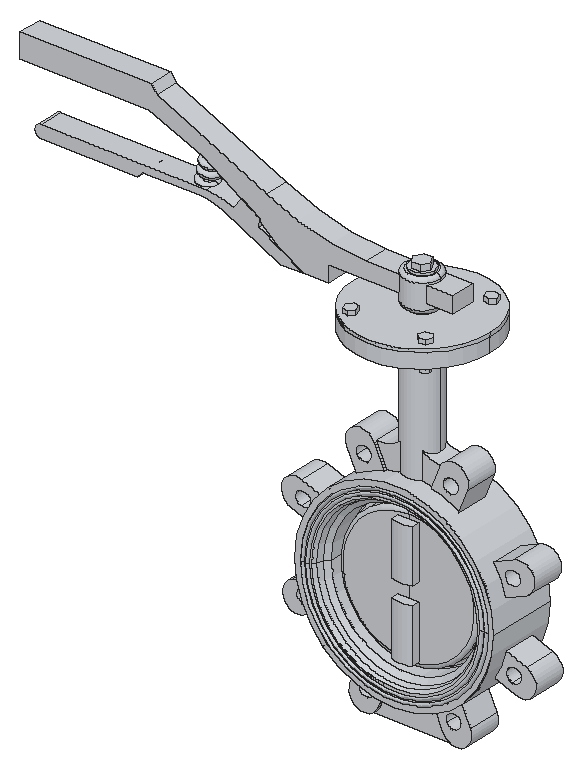
Revit family "R59FLY008", category Plumbing Fixtures, Revit 2015
Reference planes
  plane 1 "Center (Front/Back)": y = 0
  plane 2: z = 0
  plane 3 "Center (Left/Right)": x = 0
  plane 4: z = 160
  plane 5: x = -260
  plane 6: z = 237
  plane 7: z = 187
  plane 8: z = -85
  plane 9: z = -30
  plane 10: z = 190
  plane 11: z = -30
  plane 12: y = -22.988
  plane 13: y = 23.012
Forms (mm)
  Extrusion 1, solid
    sketch origin (0, 0, 150) x (1, 0, 0) y (0, 1, 0)
      loop
        circle (0, 0) r 45
    from 0 to 10
  Extrusion 2, solid
    sketch origin (0, 45.948, -120.573) x (1, 0, 0) y (0, 0, 1)
      loop
        arc (-96.679, 319.319) -> (-132.67, 336.792) -> (-169.654, 352.049) r 659.286
        line (-169.654, 352.049) -> (-172.843, 357.573) -> (-260, 357.573) -> (-260, 341.853) -> (-174.471, 341.853)
        arc (-174.471, 341.853) -> (-122.152, 316.93) -> (-77.024, 280.573) r 248.649
        line (-77.024, 280.573) -> (-55.568, 280.573) -> (-55.568, 291.199) -> (26.878, 291.199) -> (26.878, 302.179) -> (-30.767, 302.179)
        arc (-30.767, 302.179) -> (-64.704, 306.978) -> (-96.679, 319.319) r 150.722
    from 37.966 to 54.11
  Extrusion 3, solid
    sketch origin (-37.783, 45.948, -190.087) x (1, 0, 0) y (0, 0, 1)
      loop
        line (-98.516, 377.301) -> (-208.006, 377.301)
        arc (-208.006, 377.301) -> (-212.274, 373.033) -> (-208.006, 368.766) r 4.268
        line (-208.006, 368.766) -> (-144.475, 368.766) -> (-140.939, 372.301) -> (-103.305, 372.301)
        arc (-103.305, 372.301) -> (-95.507, 371.471) -> (-88.058, 369.019) r 37.057
        arc (-88.058, 369.019) -> (-68.407, 360.05) -> (-49.241, 350.087) r 421.945
        line (-49.241, 350.087) -> (-34.866, 350.087)
        arc (-34.866, 350.087) -> (-48.985, 359.43) -> (-64, 367.252) r 162.429
        line (-64, 367.252) -> (-63.437, 371.843) -> (-74.98, 380.231) -> (-80.609, 372.485)
        arc (-80.609, 372.485) -> (-89.36, 375.646) -> (-98.516, 377.301) r 55.494
    from 37.966 to 54.11
  Extrusion 4, solid
    sketch origin (0, 0, -76.95) x (1, 0, 0) y (0, 1, 0)
      loop
        circle (0, 0) r 12
    from 139.942 to 226.95
  Revolve 5, solid
    sketch origin (0, 0, 0) x (0, 1, 0) y (0, 0, 1)
      loop
        line (-1.078, -49.346) -> (1.078, -49.346) -> (1.078, -48.411)
        arc (1.078, -48.411) -> (1.953, -46.978) -> (3.478, -46.275) r 2.888
        line (3.478, -46.275) -> (6.599, -46.275)
        arc (6.599, -46.275) -> (9.772, -44.533) -> (11.11, -41.17) r 5.351
        line (11.11, -41.17) -> (11.11, 0) -> (-11.11, 0) -> (-11.11, -43.605)
        arc (-11.11, -43.605) -> (-10.328, -45.493) -> (-8.44, -46.275) r 2.67
        line (-8.44, -46.275) -> (-3.478, -46.275)
        arc (-3.478, -46.275) -> (-1.953, -46.978) -> (-1.078, -48.411) r 2.888
        line (-1.078, -48.411) -> (-1.078, -49.346)
      axis (11.11, 0) -> (-11.11, 0)
    angle from 0 to 360
  Blend 6, solid
    base sketch origin (0, 0, -4.163) x (1, 0, 0) y (0, 1, 0)
      loop
        line (-6.883, 16.4) -> (-6.883, -16.4)
        arc (-6.883, -16.4) -> (0, -18.078) -> (6.883, -16.4) r 14.953
        line (6.883, -16.4) -> (6.883, 16.4)
        arc (6.883, 16.4) -> (0, 18.078) -> (-6.883, 16.4) r 14.953
    top sketch origin (0, 0, 0) x (1, 0, 0) y (0, 1, 0)
      loop
        line (-6.883, 16.4) -> (-6.883, -16.4)
        arc (-6.883, -16.4) -> (0, -18.078) -> (6.883, -16.4) r 14.953
        line (6.883, -16.4) -> (6.883, 16.4)
        arc (6.883, 16.4) -> (0, 18.078) -> (-6.883, 16.4) r 14.953
    from 10.163 to 41.004
  Blend 7, solid
    base sketch origin (0, 0, -38.601) x (0, -1, 0) y (1, 0, 0)
      loop
        line (-16.4, -6.883) -> (16.4, -6.883)
        arc (16.4, -6.883) -> (18.078, 0) -> (16.4, 6.883) r 14.953
        line (16.4, 6.883) -> (-16.4, 6.883)
        arc (-16.4, 6.883) -> (-18.078, 0) -> (-16.4, -6.883) r 14.953
    top sketch origin (0, 0, -35.117) x (0, -1, 0) y (1, 0, 0)
      loop
        line (-16.4, -6.883) -> (16.4, -6.883)
        arc (16.4, -6.883) -> (18.078, 0) -> (16.4, 6.883) r 14.953
        line (16.4, 6.883) -> (-16.4, 6.883)
        arc (-16.4, 6.883) -> (-18.078, 0) -> (-16.4, -6.883) r 14.953
    from -3.283 to 29.117
  Extrusion 8, solid
    sketch origin (-1.088, 0, 2.271) x (0.99863, 0, -0.052336) y (0.052336, 0, 0.99863)
      loop
        line (-18.251, 60.114) -> (-25.459, 74.264)
        arc (-25.459, 74.264) -> (-38.908, 78.635) -> (-43.28, 65.186) r 10
        line (-43.28, 65.186) -> (-36.072, 51.036) -> (-18.251, 60.114)
      loop
        circle (-32.1, 65.269) r 5
    from -10.546 to 10.991
  Extrusion 9, solid
    sketch origin (0.837, 0, 2.375) x (0.669131, 0, -0.743145) y (0.743145, 0, 0.669131)
      loop
        line (-18.251, 60.114) -> (-25.459, 74.264)
        arc (-25.459, 74.264) -> (-38.908, 78.635) -> (-43.28, 65.186) r 10
        line (-43.28, 65.186) -> (-36.072, 51.036) -> (-18.251, 60.114)
      loop
        circle (-32.1, 65.269) r 5
    from -10.546 to 10.991
  Extrusion 10, solid
    sketch origin (2.271, 0, 1.088) x (-0.052336, 0, -0.99863) y (0.99863, 0, -0.052336)
      loop
        line (-18.251, 60.114) -> (-25.459, 74.264)
        arc (-25.459, 74.264) -> (-38.908, 78.635) -> (-43.28, 65.186) r 10
        line (-43.28, 65.186) -> (-36.072, 51.036) -> (-18.251, 60.114)
      loop
        circle (-32.1, 65.269) r 5
    from -10.546 to 10.991
  Extrusion 11, solid
    sketch origin (2.375, 0, -0.837) x (-0.743145, 0, -0.669131) y (0.669131, 0, -0.743145)
      loop
        line (-18.251, 60.114) -> (-25.459, 74.264)
        arc (-25.459, 74.264) -> (-38.908, 78.635) -> (-43.28, 65.186) r 10
        line (-43.28, 65.186) -> (-36.072, 51.036) -> (-18.251, 60.114)
      loop
        circle (-32.1, 65.269) r 5
    from -10.546 to 10.991
  Extrusion 12, solid
    sketch origin (1.088, 0, -2.271) x (-0.99863, 0, 0.052336) y (-0.052336, 0, -0.99863)
      loop
        line (-18.251, 60.114) -> (-25.459, 74.264)
        arc (-25.459, 74.264) -> (-38.908, 78.635) -> (-43.28, 65.186) r 10
        line (-43.28, 65.186) -> (-36.072, 51.036) -> (-18.251, 60.114)
      loop
        circle (-32.1, 65.269) r 5
    from -10.546 to 10.991
  Extrusion 13, solid
    sketch origin (-0.837, 0, -2.375) x (-0.669131, 0, 0.743145) y (-0.743145, 0, -0.669131)
      loop
        line (-18.251, 60.114) -> (-25.459, 74.264)
        arc (-25.459, 74.264) -> (-38.908, 78.635) -> (-43.28, 65.186) r 10
        line (-43.28, 65.186) -> (-36.072, 51.036) -> (-18.251, 60.114)
      loop
        circle (-32.1, 65.269) r 5
    from -10.546 to 10.991
  Extrusion 14, solid
    sketch origin (-2.271, 0, -1.088) x (0.052336, 0, 0.99863) y (-0.99863, 0, 0.052336)
      loop
        line (-18.251, 60.114) -> (-25.459, 74.264)
        arc (-25.459, 74.264) -> (-38.908, 78.635) -> (-43.28, 65.186) r 10
        line (-43.28, 65.186) -> (-36.072, 51.036) -> (-18.251, 60.114)
      loop
        circle (-32.1, 65.269) r 5
    from -10.546 to 10.991
  Extrusion 15, solid
    sketch origin (-2.375, 0, 0.837) x (0.743145, 0, 0.669131) y (-0.669131, 0, 0.743145)
      loop
        line (-18.251, 60.114) -> (-25.459, 74.264)
        arc (-25.459, 74.264) -> (-38.908, 78.635) -> (-43.28, 65.186) r 10
        line (-43.28, 65.186) -> (-36.072, 51.036) -> (-18.251, 60.114)
      loop
        circle (-32.1, 65.269) r 5
    from -10.546 to 10.991
  Extrusion 16, solid
    sketch origin (99.126, -27.447, 162) x (0, -1, 0) y (1, 0, 0)
      loop
        line (3.99, -123.113) -> (0.805, -120.344) -> (-3.184, -121.718) -> (-3.99, -125.86) -> (-0.805, -128.628) -> (3.184, -127.254) -> (3.99, -123.113)
    from 0 to 3
  Extrusion 17, solid
    sketch origin (99.126, -27.447, 142) x (0, -1, 0) y (1, 0, 0)
      loop
        circle (0, -124.486) r 3
    from 2.505 to 20
  Extrusion 18, solid
    sketch origin (99.126, -27.447, 149) x (0, -1, 0) y (1, 0, 0)
      loop
        line (3.99, -123.113) -> (0.805, -120.344) -> (-3.184, -121.718) -> (-3.99, -125.86) -> (-0.805, -128.628) -> (3.184, -127.254) -> (3.99, -123.113)
      loop
        line (-3.444, -125.672) -> (-0.695, -128.061) -> (2.749, -126.876) -> (3.444, -123.301) -> (0.695, -120.911) -> (-2.749, -122.097) -> (-3.444, -125.672)
    from -1.968 to 1
  Extrusion 19, solid, not visible
    sketch origin (26.117, -96.518, 104.233) x (0, -1, 0) y (1, 0, 0)
      loop
        line (3.99, -123.113) -> (0.805, -120.344) -> (-3.184, -121.718) -> (-3.99, -125.86) -> (-0.805, -128.628) -> (3.184, -127.254) -> (3.99, -123.113)
    from 0 to 3
  Extrusion 20, solid, not visible
    sketch origin (26.117, -96.518, 84.233) x (0, -1, 0) y (1, 0, 0)
      loop
        circle (0, -124.486) r 3
    from 2.505 to 20
  Extrusion 21, solid, not visible
    sketch origin (26.117, -96.518, 91.233) x (0, -1, 0) y (1, 0, 0)
      loop
        line (3.99, -123.113) -> (0.805, -120.344) -> (-3.184, -121.718) -> (-3.99, -125.86) -> (-0.805, -128.628) -> (3.184, -127.254) -> (3.99, -123.113)
      loop
        line (-3.444, -125.672) -> (-0.695, -128.061) -> (2.749, -126.876) -> (3.444, -123.301) -> (0.695, -120.911) -> (-2.749, -122.097) -> (-3.444, -125.672)
    from -1.968 to 1
  Extrusion 22, solid
    sketch origin (0, 0, 160) x (1, 0, 0) y (0, 1, 0)
      loop
        circle (0, 0) r 45
    from 0 to 2
  Extrusion 23, solid
    sketch origin (99.126, -27.447, 162) x (0, -1, 0) y (1, 0, 0)
      loop
        line (-58.884, -123.113) -> (-58.079, -127.254) -> (-54.09, -128.628) -> (-50.905, -125.86) -> (-51.71, -121.718) -> (-55.7, -120.344) -> (-58.884, -123.113)
    from 0 to 3
  Extrusion 24, solid
    sketch origin (99.126, -27.447, 142) x (0, -1, 0) y (1, 0, 0)
      loop
        circle (-54.895, -124.486) r 3
    from 2.505 to 20
  Extrusion 25, solid
    sketch origin (99.126, -27.447, 149) x (0, -1, 0) y (1, 0, 0)
      loop
        line (-58.884, -123.113) -> (-58.079, -127.254) -> (-54.09, -128.628) -> (-50.905, -125.86) -> (-51.71, -121.718) -> (-55.7, -120.344) -> (-58.884, -123.113)
      loop
        line (-51.451, -125.672) -> (-52.146, -122.097) -> (-55.59, -120.911) -> (-58.339, -123.301) -> (-57.644, -126.876) -> (-54.2, -128.061) -> (-51.451, -125.672)
    from -1.968 to 1
  Extrusion 26, solid
    sketch origin (-100.376, 27.447, 162) x (0, 1, 0) y (-1, 0, 0)
      loop
        line (-58.884, -123.113) -> (-58.079, -127.254) -> (-54.09, -128.628) -> (-50.905, -125.86) -> (-51.71, -121.718) -> (-55.7, -120.344) -> (-58.884, -123.113)
    from 0 to 3
  Extrusion 27, solid
    sketch origin (-100.376, 27.447, 142) x (0, 1, 0) y (-1, 0, 0)
      loop
        circle (-54.895, -124.486) r 3
    from 2.505 to 20
  Extrusion 28, solid
    sketch origin (-100.376, 27.447, 149) x (0, 1, 0) y (-1, 0, 0)
      loop
        line (-58.884, -123.113) -> (-58.079, -127.254) -> (-54.09, -128.628) -> (-50.905, -125.86) -> (-51.71, -121.718) -> (-55.7, -120.344) -> (-58.884, -123.113)
      loop
        line (-51.451, -125.672) -> (-52.146, -122.097) -> (-55.59, -120.911) -> (-58.339, -123.301) -> (-57.644, -126.876) -> (-54.2, -128.061) -> (-51.451, -125.672)
    from -1.968 to 1
  Extrusion 29, solid
    sketch origin (-100.376, 27.447, 162) x (0, 1, 0) y (-1, 0, 0)
      loop
        line (3.99, -123.113) -> (0.805, -120.344) -> (-3.184, -121.718) -> (-3.99, -125.86) -> (-0.805, -128.628) -> (3.184, -127.254) -> (3.99, -123.113)
    from 0 to 3
  Extrusion 30, solid
    sketch origin (-100.376, 27.447, 142) x (0, 1, 0) y (-1, 0, 0)
      loop
        circle (0, -124.486) r 3
    from 2.505 to 20
  Extrusion 31, solid
    sketch origin (-100.376, 27.447, 149) x (0, 1, 0) y (-1, 0, 0)
      loop
        line (3.99, -123.113) -> (0.805, -120.344) -> (-3.184, -121.718) -> (-3.99, -125.86) -> (-0.805, -128.628) -> (3.184, -127.254) -> (3.99, -123.113)
      loop
        line (-3.444, -125.672) -> (-0.695, -128.061) -> (2.749, -126.876) -> (3.444, -123.301) -> (0.695, -120.911) -> (-2.749, -122.097) -> (-3.444, -125.672)
    from -1.968 to 1
  Extrusion 32, solid
    sketch origin (125.063, -27.447, 187.144) x (0, -1, 0) y (1, 0, 0)
      loop
        line (-32.638, -122.069) -> (-32.638, -128.062) -> (-27.447, -131.059) -> (-22.257, -128.062) -> (-22.257, -122.069) -> (-27.447, -119.072) -> (-32.638, -122.069)
    from -1.014 to 2.856
  Extrusion 33, solid
    sketch origin (124.477, -54.895, 182.2) x (0, -1, 0) y (1, 0, 0)
      loop
        circle (-54.895, -124.486) r 8
    from -22.2 to 3.931
  Sweep 34, solid
    path origin (0, 0, 0) x (1, 0, 0) y (0, 0, 1)
      loop
        circle (0, 0) r 66
    profile origin (0, 0, -66) x (0, 0, 1) y (0, -1, 0)
      loop
        line (16.683, -13.63) -> (16.683, 13.63) -> (13.454, 16.859) -> (12.517, 20.357) -> (10.888, 22.699) -> (9.28, 22.699)
        arc (9.28, 22.699) -> (8.267, 23.712) -> (7.253, 22.699) r 1.014
        line (7.253, 22.699) -> (5.98, 22.699)
        arc (5.98, 22.699) -> (4.966, 23.712) -> (3.952, 22.699) r 1.014
        line (3.952, 22.699) -> (0.625, 22.699) -> (0.625, -22.699) -> (3.952, -22.699)
        arc (3.952, -22.699) -> (4.966, -23.712) -> (5.98, -22.699) r 1.014
        line (5.98, -22.699) -> (7.253, -22.699)
        arc (7.253, -22.699) -> (8.267, -23.712) -> (9.28, -22.699) r 1.014
        line (9.28, -22.699) -> (10.888, -22.699) -> (12.517, -20.357) -> (13.454, -16.859) -> (16.683, -13.63)
  Extrusion 35, solid
    sketch origin (0, 0, 3.09) x (1, 0, 0) y (0, 0, 1)
      loop
        line (-26.129, 76.28) -> (-19.322, 60.987) -> (16.826, 60.987) -> (22.423, 75.562)
        arc (22.423, 75.562) -> (9.968, 78.332) -> (1.583, 87.951) r 20.435
        line (1.583, 87.951) -> (1.583, 61.435) -> (-1.691, 61.435) -> (-1.691, 87.701)
        arc (-1.691, 87.701) -> (-11.758, 77.385) -> (-26.129, 76.28) r 20.435
    from -7.881 to 9.454
  Extrusion 36, solid
    sketch origin (-2.813, 0.293, -2.432) x (1, 0, 0) y (0, 0, 1)
      loop
        line (27.801, -76.16) -> (21.045, -60.987) -> (-13.802, -60.987) -> (-19.483, -75.781)
        arc (-19.483, -75.781) -> (-21.413, -78.916) -> (-24.347, -81.141) r 10
        line (-24.347, -81.141) -> (34.329, -81.141)
        arc (34.329, -81.141) -> (30.429, -79.484) -> (27.801, -76.16) r 8.561
    from -9.388 to 9.974
  Revolve 37, solid
    sketch origin (0, 0, 20) x (1, 0, 0) y (0, 0, 1)
      loop
        line (-9.486, 143.746) -> (0, 143.746) -> (0, 165) -> (-9.486, 165)
        arc (-9.486, 165) -> (-11.259, 164.265) -> (-11.994, 162.492) r 2.508
        line (-11.994, 162.492) -> (-11.994, 146.254)
        arc (-11.994, 146.254) -> (-11.259, 144.481) -> (-9.486, 143.746) r 2.508
      axis (0, 143.746) -> (0, 165)
    angle from 0 to 360
  Sweep 38, solid
    path origin (-48.156, 0, 186.496) x (0.978732, 0, -0.205142) y (0, 1, 0)
      loop
        circle (-92.344, 0) r 5
    profile origin (-138.536, 5, 205.439) x (0, -1, 0) y (0.205142, 0, 0.978732)
      loop
        circle (0, 0) r 2
  Sweep 39, solid
    path origin (-49.24, 0, 180.236) x (0.978732, 0, -0.205142) y (0, 1, 0)
      loop
        circle (-92.344, 0) r 5
    profile origin (-139.62, 5, 199.18) x (0, -1, 0) y (0.205142, 0, 0.978732)
      loop
        circle (0, 0) r 2
  Sweep 40, solid
    path origin (-50.258, 0, 174.62) x (0.978732, 0, -0.205142) y (0, 1, 0)
      loop
        circle (-92.344, 0) r 5
    profile origin (-140.638, 5, 193.564) x (0, -1, 0) y (0.205142, 0, 0.978732)
      loop
        circle (0, 0) r 2
  Sweep 41, solid
    path origin (-51.686, 0, 167.994) x (0.978732, 0, -0.205142) y (0, 1, 0)
      loop
        circle (-92.344, 0) r 5
    profile origin (-142.066, 5, 186.938) x (0, -1, 0) y (0.205142, 0, 0.978732)
      loop
        circle (0, 0) r 2
  Sweep 42, solid
    path origin (-0.002, 0, 0) x (1, 0, 0) y (0, 0, 1)
      loop
        circle (0, 0) r 66
    profile origin (-0.002, 0, -66) x (0, 0, 1) y (0, -1, 0)
      loop
        line (0, 22.988) -> (0, -23.012) -> (3.965, -23.012) -> (3.965, 22.988) -> (0, 22.988)
Dimensions and locks
  plane 2 to plane 4 = 160 mm
  plane 3 "Center (Left/Right)" to plane 5 = 260 mm
  level to plane 6 = 237 mm
  plane 8 to level = 85 mm
  locked: plane 4 to plane 10 at 30
  plane 13 to plane 12 = 46 mm
  aligned and locked: level to plane 2
